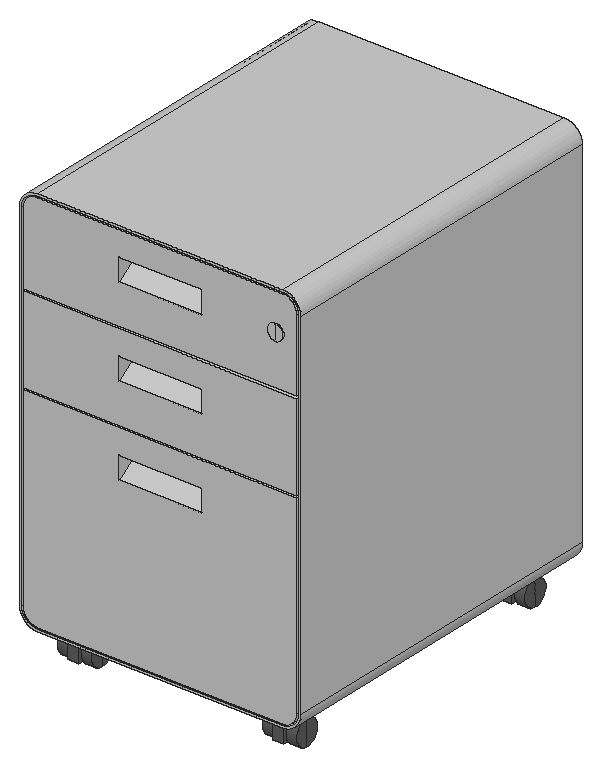
Revit family "Human_Solution-UPLIFT_Desk_Storage-Drawer-STR003", category Furniture, Revit 2014
Parameters (values of type "3-Drawer Mobile Pedestal")
  Width = 15 3/4"
  Unit = HMS - Aluminum
  URL = "https://www.thehumansolution.com/"
  Type Comments = "Storage"  # constant formula
  Salvage or Reuse = yes
  Percentage of Recycled Content = 0
  Model = "STR003"
  Material = ""
  Manufacturer = "Human Solution"  # constant formula
  Low Emitting Material = yes
  Low Emitting Finish = yes
  Keynote = "12500"
  Height = 23.87"
  Description = "3-Drawer Mobile Pedestal  15.25\"W 19.5\"D 23.5\"H"
  Depth = 19 3/4"
  Caster = HMS - Plastic Black
  Assembly Code = "E2020200"
Reference planes (in)
  plane 1 "Center Front/Back": y = 5.88398
  plane 2: z = 0
  plane 3 "Center Left/Right": x = 0
  plane 4: x = -7.875
  plane 5: x = 7.875
  plane 6: z = 23.87
  plane 7: y = -13.86602
  plane 8: y = -3.99102
Forms (in)
  Sweep 1, solid, material "HMS - Aluminum" <- "Unit"
    path origin (0, 0, 0) x (1, 0, 0) y (0, 1, 0)
      loop
        line (0, 5.85273) -> (0, -13.83231)
    profile origin (0, -3.98979, 0) x (1, 0, 0) y (0, 0, 1)
      loop
        line (6.875, 23.87047) -> (-6.87303, 23.87047)
        arc (-6.87303, 23.87047) -> (-7.58014, 23.57758) -> (-7.87303, 22.87047) r 1
        line (-7.87303, 22.87047) -> (-7.87303, 2.87)
        arc (-7.87303, 2.87) -> (-7.58014, 2.16289) -> (-6.87303, 1.87) r 1
        line (-6.87303, 1.87) -> (6.875, 1.87)
        arc (6.875, 1.87) -> (7.58211, 2.16289) -> (7.875, 2.87) r 1
        line (7.875, 2.87) -> (7.875, 22.87047)
        arc (7.875, 22.87047) -> (7.58211, 23.57758) -> (6.875, 23.87047) r 1
      loop
        line (6.875, 23.77047) -> (-6.87303, 23.77047)
        arc (-6.87303, 23.77047) -> (-7.50943, 23.50686) -> (-7.77303, 22.87047) r 0.9
        line (-7.77303, 22.87047) -> (-7.77303, 2.87)
        arc (-7.77303, 2.87) -> (-7.50943, 2.2336) -> (-6.87303, 1.97) r 0.9
        line (-6.87303, 1.97) -> (6.875, 1.97)
        arc (6.875, 1.97) -> (7.5114, 2.2336) -> (7.775, 2.87) r 0.9
        line (7.775, 2.87) -> (7.775, 22.87047)
        arc (7.775, 22.87047) -> (7.5114, 23.50686) -> (6.875, 23.77047) r 0.9
  Extrusion 2, solid, material "HMS - Aluminum" <- "Unit"
    sketch origin (0, 5.85273, 0) x (-1, 0, 0) y (0, 0, 1)
      loop
        arc (-6.875, 23.77047) -> (-7.5114, 23.50686) -> (-7.775, 22.87047) r 0.9
        line (-7.775, 22.87047) -> (-7.775, 2.87)
        arc (-7.775, 2.87) -> (-7.5114, 2.2336) -> (-6.875, 1.97) r 0.9
        line (-6.875, 1.97) -> (6.87303, 1.97)
        arc (6.87303, 1.97) -> (7.50943, 2.2336) -> (7.77303, 2.87) r 0.9
        line (7.77303, 2.87) -> (7.77303, 22.87047)
        arc (7.77303, 22.87047) -> (7.50943, 23.50686) -> (6.87303, 23.77047) r 0.9
        line (6.87303, 23.77047) -> (-6.875, 23.77047)
    from 0 to -0.78073
  Sweep 3, solid, material "HMS - Aluminum" <- "Unit"
    path origin (0, 0, 0) x (0, 1, 0) y (0, 0, 1)
      loop
        line (-12.08231, 16.705) -> (-13.83231, 16.705)
    profile origin (0, -12.95731, 16.705) x (0, 0, -1) y (1, 0, 0)
      loop
        line (-2.09415, -7.67303) -> (-2.09415, 7.675) -> (-6.16915, 7.675)
        arc (-6.16915, 7.675) -> (-6.73483, 7.44069) -> (-6.96915, 6.875) r 0.8
        line (-6.96915, 6.875) -> (-6.96915, -6.87303)
        arc (-6.96915, -6.87303) -> (-6.73483, -7.43872) -> (-6.16915, -7.67303) r 0.8
        line (-6.16915, -7.67303) -> (-2.09415, -7.67303)
      loop
        line (-1.99, -7.67303) -> (2.885, -7.67303) -> (2.885, 7.675) -> (-1.99, 7.675) -> (-1.99, -7.67303)
      loop
        line (-5.58951, -2.32185) -> (-4.32966, -2.32185) -> (-4.32966, 2.32382) -> (-5.58951, 2.32382) -> (-5.58951, -2.32185)
      loop
        line (0.6478, -2.32185) -> (0.6478, 2.32382) -> (-0.61205, 2.32382) -> (-0.61205, -2.32185) -> (0.6478, -2.32185)
      loop
        line (2.985, 7.675) -> (2.985, -7.67303) -> (13.835, -7.67303)
        arc (13.835, -7.67303) -> (14.40069, -7.43872) -> (14.635, -6.87303) r 0.8
        line (14.635, -6.87303) -> (14.635, 6.875)
        arc (14.635, 6.875) -> (14.40069, 7.44069) -> (13.835, 7.675) r 0.8
        line (13.835, 7.675) -> (2.985, 7.675)
      loop
        line (4.36295, -2.32185) -> (5.6228, -2.32185) -> (5.6228, 2.32382) -> (4.36295, 2.32382) -> (4.36295, -2.32185)
  Extrusion 4, solid, material "HMS - Aluminum" <- "Unit"
    sketch origin (0, 0, 0.60938) x (0, 1, 0) y (0, 0, 1)
      loop
        line (-13.83231, 20.42016) -> (-12.08231, 20.42016) -> (-12.08231, 21.68) -> (-13.83231, 20.42016)
      loop
        line (-12.08231, 16.705) -> (-13.83231, 15.44516) -> (-12.08231, 15.44516) -> (-12.08231, 16.705)
      loop
        line (-12.05797, 11.73) -> (-13.80797, 10.47016) -> (-12.05797, 10.47016) -> (-12.05797, 11.73)
    from -2.32185 to 2.32382
  Revolve 5, solid, material "HMS - Aluminum" <- "Unit"
    sketch origin (6.46875, 0, 0.60937) x (0, 1, 0) y (0, 0, 1)
      loop
        line (-13.86532, 21.44378) -> (-13.86532, 21.00054) -> (-13.83212, 21.00054) -> (-13.83212, 21.44378) -> (-13.86532, 21.44378)
      axis (-13.83212, 21.00054) -> (-13.87149, 21.00054)
    angle from 0 to 360
  Revolve 6, solid, material "HMS - Plastic Black" <- "Caster"
    sketch origin (0, 4.07148, 0) x (1, 0, 0) y (0, 0, 1)
      loop
        line (-6.69193, 1.45) -> (-6.69193, 0.725) -> (-6.11693, 0.725) -> (-6.11693, 1.45) -> (-6.69193, 1.45)
      loop
        line (-5.36693, 1.45) -> (-5.36693, 0.725) -> (-4.79193, 0.725) -> (-4.79193, 1.45) -> (-5.36693, 1.45)
      loop
        line (6.69193, 1.45) -> (6.11693, 1.45) -> (6.11693, 0.725) -> (6.69193, 0.725) -> (6.69193, 1.45)
      loop
        line (5.36693, 1.45) -> (4.79193, 1.45) -> (4.79193, 0.725) -> (5.36693, 0.725) -> (5.36693, 1.45)
      axis (-6.69193, 0.725) -> (6.69193, 0.725)
    angle from 0 to 360
  Extrusion 7, solid, material "HMS - Plastic Black" <- "Caster"
    sketch origin (0, 0, 0) x (0, 1, 0) y (0, 0, 1)
      loop
        arc (4.66116, 0.3) -> (4.6729, 1.13297) -> (3.90253, 1.45) r 0.74068
        line (3.90253, 1.45) -> (3.79539, 1.45) -> (3.79539, 1.87) -> (3.23709, 1.87) -> (3.23709, 0.3) -> (4.66116, 0.3)
    from -6.05693 to -5.42693
  Extrusion 8, solid, material "HMS - Plastic Black" <- "Caster"
    sketch origin (0, 0, 0) x (0, 1, 0) y (0, 0, -1)
      loop
        line (4.66116, -0.3) -> (3.23709, -0.3) -> (3.23709, -1.87) -> (3.79539, -1.87) -> (3.79539, -1.45) -> (3.90253, -1.45)
        arc (3.90253, -1.45) -> (4.6729, -1.13297) -> (4.66116, -0.3) r 0.74068
    from -6.05693 to -5.42693
  Revolve 9, solid, material "HMS - Plastic Black" <- "Caster"
    sketch origin (0, -11.91904, 0) x (1, 0, 0) y (0, 0, 1)
      loop
        line (-6.69193, 1.45) -> (-6.69193, 0.725) -> (-6.11693, 0.725) -> (-6.11693, 1.45) -> (-6.69193, 1.45)
      loop
        line (-5.36693, 1.45) -> (-5.36693, 0.725) -> (-4.79193, 0.725) -> (-4.79193, 1.45) -> (-5.36693, 1.45)
      loop
        line (6.69193, 1.45) -> (6.11693, 1.45) -> (6.11693, 0.725) -> (6.69193, 0.725) -> (6.69193, 1.45)
      loop
        line (5.36693, 1.45) -> (4.79193, 1.45) -> (4.79193, 0.725) -> (5.36693, 0.725) -> (5.36693, 1.45)
      axis (-6.69193, 0.725) -> (6.69193, 0.725)
    angle from 0 to 360
  Extrusion 10, solid, material "HMS - Plastic Black" <- "Caster"
    sketch origin (0, -15.99053, 0) x (0, 1, 0) y (0, 0, 1)
      loop
        arc (4.66116, 0.3) -> (4.6729, 1.13297) -> (3.90253, 1.45) r 0.74068
        line (3.90253, 1.45) -> (3.79539, 1.45) -> (3.79539, 1.87) -> (3.23709, 1.87) -> (3.23709, 0.3) -> (4.66116, 0.3)
    from -6.05693 to -5.42693
  Extrusion 11, solid, material "HMS - Plastic Black" <- "Caster"
    sketch origin (0, -15.99053, 0) x (0, 1, 0) y (0, 0, -1)
      loop
        line (4.66116, -0.3) -> (3.23709, -0.3) -> (3.23709, -1.87) -> (3.79539, -1.87) -> (3.79539, -1.45) -> (3.90253, -1.45)
        arc (3.90253, -1.45) -> (4.6729, -1.13297) -> (4.66116, -0.3) r 0.74068
    from -6.05693 to -5.42693
Lines and regions (in)
  symbolic lines
    curve 1: line (-7.87303, 5.85273, 0) -> (7.875, 5.85273, 0)
    curve 2: line (-7.87303, -13.83231, 0) -> (-7.87303, 5.85273, 0)
    curve 3: line (7.875, -13.83231, 0) -> (-7.87303, -13.83231, 0)
    curve 4: line (7.875, 5.85273, 0) -> (7.875, -13.83231, 0)
  symbolic lines, style "FurnitureHiddenLines", detail levels fine
    curve 5: line (-7.77303, 5.072, 0) -> (7.775, 5.072, 0)
    curve 6: line (-6.69193, 4.79648, 0) -> (-6.11693, 4.79648, 0)
    curve 7: line (-6.69193, 3.34648, 0) -> (-6.69193, 4.79648, 0)
    curve 8: line (-6.11693, 3.34648, 0) -> (-6.69193, 3.34648, 0)
    curve 9: line (-6.11693, 4.79648, 0) -> (-6.11693, 3.34648, 0)
    curve 10: line (-5.36693, 4.79648, 0) -> (-4.79193, 4.79648, 0)
    curve 11: line (-5.36693, 3.34648, 0) -> (-5.36693, 4.79648, 0)
    curve 12: line (-4.79193, 3.34648, 0) -> (-5.36693, 3.34648, 0)
    curve 13: line (-4.79193, 4.79648, 0) -> (-4.79193, 3.34648, 0)
    curve 14: line (-6.05693, 4.79531, 0) -> (-5.42693, 4.79531, 0)
    curve 15: line (-6.05693, 3.23709, 0) -> (-6.05693, 4.79531, 0)
    curve 16: line (-5.42693, 3.23709, 0) -> (-6.05693, 3.23709, 0)
    curve 17: line (-5.42693, 4.79531, 0) -> (-5.42693, 3.23709, 0)
    curve 18: line (-6.05693, 3.90253, 0) -> (-5.42693, 3.90253, 0)
    curve 19: line (4.79193, 4.79648, 0) -> (5.36693, 4.79648, 0)
    curve 20: line (4.79193, 3.34648, 0) -> (4.79193, 4.79648, 0)
    curve 21: line (5.36693, 3.34648, 0) -> (4.79193, 3.34648, 0)
    curve 22: line (5.36693, 4.79648, 0) -> (5.36693, 3.34648, 0)
    curve 23: line (6.11693, 4.79648, 0) -> (6.69193, 4.79648, 0)
    curve 24: line (6.11693, 3.34648, 0) -> (6.11693, 4.79648, 0)
    curve 25: line (6.69193, 3.34648, 0) -> (6.11693, 3.34648, 0)
    curve 26: line (6.69193, 4.79648, 0) -> (6.69193, 3.34648, 0)
    curve 27: line (5.42693, 4.79531, 0) -> (6.05693, 4.79531, 0)
    curve 28: line (5.42693, 3.23709, 0) -> (5.42693, 4.79531, 0)
    curve 29: line (6.05693, 3.23709, 0) -> (5.42693, 3.23709, 0)
    curve 30: line (6.05693, 4.79531, 0) -> (6.05693, 3.23709, 0)
    curve 31: line (5.42693, 3.90253, 0) -> (6.05693, 3.90253, 0)
    curve 32: line (4.79193, -11.19404, 0) -> (5.36693, -11.19404, 0)
    curve 33: line (4.79193, -12.64404, 0) -> (4.79193, -11.19404, 0)
    curve 34: line (5.36693, -12.64404, 0) -> (4.79193, -12.64404, 0)
    curve 35: line (5.36693, -11.19404, 0) -> (5.36693, -12.64404, 0)
    curve 36: line (6.11693, -11.19404, 0) -> (6.69193, -11.19404, 0)
    curve 37: line (6.11693, -12.64404, 0) -> (6.11693, -11.19404, 0)
    curve 38: line (6.69193, -12.64404, 0) -> (6.11693, -12.64404, 0)
    curve 39: line (6.69193, -11.19404, 0) -> (6.69193, -12.64404, 0)
    curve 40: line (5.42693, -11.19522, 0) -> (6.05693, -11.19522, 0)
    curve 41: line (5.42693, -12.75343, 0) -> (5.42693, -11.19522, 0)
    curve 42: line (6.05693, -12.75343, 0) -> (5.42693, -12.75343, 0)
    curve 43: line (6.05693, -11.19522, 0) -> (6.05693, -12.75343, 0)
    curve 44: line (5.42693, -12.08799, 0) -> (6.05693, -12.08799, 0)
    curve 45: line (-6.69193, -11.19404, 0) -> (-6.11693, -11.19404, 0)
    curve 46: line (-6.69193, -12.64404, 0) -> (-6.69193, -11.19404, 0)
    curve 47: line (-6.11693, -12.64404, 0) -> (-6.69193, -12.64404, 0)
    curve 48: line (-6.11693, -11.19404, 0) -> (-6.11693, -12.64404, 0)
    curve 49: line (-5.36693, -11.19404, 0) -> (-4.79193, -11.19404, 0)
    curve 50: line (-5.36693, -12.64404, 0) -> (-5.36693, -11.19404, 0)
    curve 51: line (-4.79193, -12.64404, 0) -> (-5.36693, -12.64404, 0)
    curve 52: line (-4.79193, -11.19404, 0) -> (-4.79193, -12.64404, 0)
    curve 53: line (-6.05693, -11.19522, 0) -> (-5.42693, -11.19522, 0)
    curve 54: line (-6.05693, -12.75343, 0) -> (-6.05693, -11.19522, 0)
    curve 55: line (-5.42693, -12.75343, 0) -> (-6.05693, -12.75343, 0)
    curve 56: line (-5.42693, -11.19522, 0) -> (-5.42693, -12.75343, 0)
    curve 57: line (-6.05693, -12.08799, 0) -> (-5.42693, -12.08799, 0)
    curve 58: line (-7.87303, -12.08231, 0) -> (7.875, -12.08231, 0)
Dimensions and locks (in)
  "Width": plane 4 to plane 5
  "Height": plane 6 to plane 2
  "Depth": plane 7 to plane 1 "Center Front/Back"
  equal spacing: plane 4, plane 3 "Center Left/Right", plane 5
  equal spacing: plane 7, plane 8, plane 1 "Center Front/Back"
  locked: plane 1 "Center Front/Back" to Extrusion 2 at 0.81198
  locked: Sweep 3 sketch curve to plane 6 at 7.165
  Revolve 5 sketch curve to plane 6 = 2.26008"
  locked: Revolve 6 sketch curve to plane 2 at 0.725
  aligned and locked: level to plane 2
  aligned and locked: Sweep 1 sketch curve to plane 3 "Center Left/Right"
  aligned and locked: Extrusion 2 sketch curve to Sweep 1  (x3)
  aligned and locked: Sweep 1 to Extrusion 2
  aligned and locked: Extrusion 4 to Sweep 3  (x2)
  aligned and locked: curve 1 to Sweep 1
  aligned and locked: curve 2 to Sweep 1
  aligned and locked: curve 3 to Sweep 1
  aligned and locked: curve 4 to Sweep 1
  aligned and locked: curve 5 to Extrusion 2
  aligned and locked: curve 58 to Sweep 3
Automatic sketch dimensions
  plane 7 to Sweep 3 sketch curve = 0.03371"
  Sweep 3 sketch curve to Sweep 3 sketch curve = 1 3/4"
  plane 7 to Revolve 5 sketch curve = 0.0007"
  Revolve 5 sketch curve to Revolve 5 sketch curve = 0.03319"
  Revolve 5 sketch curve to Revolve 5 sketch curve = 0"
  Revolve 5 sketch curve to Revolve 5 sketch curve = 0.44323"
  Revolve 5 sketch curve to Revolve 5 sketch curve = 0.02699"
  Revolve 5 sketch curve to Revolve 5 sketch curve = 0.07833"
  plane 4 to Revolve 6 sketch curve = 1.18307"
  Revolve 6 sketch curve to Revolve 6 sketch curve = 0.575"  (x4)
  Revolve 6 sketch curve to Revolve 6 sketch curve = 3/4"  (x3)
  level to Revolve 6 sketch curve = 0.725"  (x4)
  Revolve 6 sketch curve to plane 5 = 3.08307"
  Revolve 6 sketch curve to Revolve 6 sketch curve = 0.725"  (x4)
  Revolve 6 sketch curve to Revolve 6 sketch curve = 1"
  plane 4 to Revolve 9 sketch curve = 1.18307"
  Revolve 9 sketch curve to Revolve 9 sketch curve = 0.575"  (x4)
  Revolve 9 sketch curve to Revolve 9 sketch curve = 3/4"  (x3)
  level to Revolve 9 sketch curve = 0.725"  (x5)
  Revolve 9 sketch curve to plane 5 = 3.08307"
  Revolve 9 sketch curve to Revolve 9 sketch curve = 0.725"  (x4)
  Revolve 9 sketch curve to Revolve 9 sketch curve = 1"
  level to Extrusion 10 sketch curve = 0.3"
  plane 7 to Extrusion 10 sketch curve = 1.11258"
  Extrusion 10 sketch curve to Extrusion 10 sketch curve = 0.5583"
  Extrusion 10 sketch curve to Extrusion 10 sketch curve = 0.10714"
  Extrusion 10 sketch curve to Extrusion 10 sketch curve = 0.1521"
  Extrusion 10 sketch curve to Extrusion 10 sketch curve = 0.60653"
  level to Extrusion 10 sketch curve = 0.72511"
  Extrusion 10 sketch curve to Extrusion 10 sketch curve = 0.42"
  level to Extrusion 11 sketch curve = 0.3"
  plane 7 to Extrusion 11 sketch curve = 1.11258"
  Extrusion 11 sketch curve to Extrusion 11 sketch curve = 0.5583"
  Extrusion 11 sketch curve to Extrusion 11 sketch curve = 0.10714"
  Extrusion 11 sketch curve to Extrusion 11 sketch curve = 0.1521"
  Extrusion 11 sketch curve to Extrusion 11 sketch curve = 0.60653"
  level to Extrusion 11 sketch curve = 0.72511"
  Extrusion 11 sketch curve to Extrusion 11 sketch curve = 0.42"
  plane 7 to Extrusion 4 sketch curve = 0.03371"  (x2)
  plane 7 to Extrusion 4 sketch curve = 0.05805"
  Extrusion 4 sketch curve to Extrusion 4 sketch curve = 1 3/4"  (x3)
  level to Extrusion 4 sketch curve = 11.07953"
  Extrusion 4 sketch curve to Extrusion 4 sketch curve = 1.25984"  (x3)
  Extrusion 4 sketch curve to Extrusion 4 sketch curve = 3.71516"
  Extrusion 4 sketch curve to plane 6 = 2.84047"
  plane 7 to Sweep 1 sketch curve = 0.03371"
  plane 1 "Center Front/Back" to Sweep 1 sketch curve = 1/32"
  Sweep 1 sketch curve to Sweep 1 sketch curve = 0"  (x8)
  level to Sweep 1 sketch curve = 2.87"
  profile plane to Sweep 1 sketch curve = 7.87303"
  Sweep 1 sketch curve to Sweep 1 sketch curve = 0.1"
  Sweep 1 sketch curve to Sweep 1 sketch curve = 0.9"  (x3)
  Sweep 1 sketch curve to profile plane = 6 7/8"  (x2)
  Sweep 1 sketch curve to Sweep 1 sketch curve = 20.00047"
  Extrusion 2 sketch curve to Sweep 1 = 0"
  Extrusion 2 sketch curve to Extrusion 2 sketch curve = 0.9"
  Sweep 1 to Extrusion 2 sketch curve = 0.9"  (x2)
  profile plane to Sweep 3 sketch curve = 6.96915"
  Sweep 3 sketch curve to Sweep 3 sketch curve = 0.8"  (x3)
  Sweep 3 sketch curve to Sweep 3 sketch curve = 0.57964"
  Sweep 3 sketch curve to Sweep 3 sketch curve = 1.25984"  (x2)
  profile plane to Sweep 3 sketch curve = 2.09415"
  Sweep 3 sketch curve to Sweep 3 sketch curve = 0.10415"
  profile plane to Sweep 3 sketch curve = 0.61205"
  Sweep 3 sketch curve to profile plane = 0.6478"
  Sweep 3 sketch curve to profile plane = 2.885"
  Sweep 3 sketch curve to Sweep 3 sketch curve = 0.1"
  Sweep 3 sketch curve to Sweep 3 sketch curve = 3.71516"
  Sweep 3 sketch curve to Sweep 3 sketch curve = 8.2122"  (x2)
  Sweep 3 sketch curve to plane 3 "Center Left/Right" = 7.67303"
  Sweep 3 sketch curve to Sweep 3 sketch curve = 0"  (x3)
  Sweep 3 sketch curve to plane 3 "Center Left/Right" = 2.32185"  (x3)
  plane 3 "Center Left/Right" to Sweep 3 sketch curve = 2.32382"  (x3)
  Sweep 3 sketch curve to Sweep 3 sketch curve = 4.55118"
  plane 3 "Center Left/Right" to Sweep 3 sketch curve = 6 7/8"
  level to Extrusion 7 sketch curve = 0.3"
  plane 1 "Center Front/Back" to Extrusion 7 sketch curve = 2.64689"
  Extrusion 7 sketch curve to Extrusion 7 sketch curve = 0.5583"
  Extrusion 7 sketch curve to Extrusion 7 sketch curve = 0.10714"
  Extrusion 7 sketch curve to Extrusion 7 sketch curve = 0.1521"
  Extrusion 7 sketch curve to Extrusion 7 sketch curve = 0.60653"
  level to Extrusion 7 sketch curve = 0.72511"
  Extrusion 7 sketch curve to Extrusion 7 sketch curve = 0.42"
  level to Extrusion 8 sketch curve = 0.3"
  plane 1 "Center Front/Back" to Extrusion 8 sketch curve = 2.64689"
  Extrusion 8 sketch curve to Extrusion 8 sketch curve = 0.5583"
  Extrusion 8 sketch curve to Extrusion 8 sketch curve = 0.10714"
  Extrusion 8 sketch curve to Extrusion 8 sketch curve = 0.1521"
  Extrusion 8 sketch curve to Extrusion 8 sketch curve = 0.60653"
  level to Extrusion 8 sketch curve = 0.72511"
  Extrusion 8 sketch curve to Extrusion 8 sketch curve = 0.42"
  plane 4 to curve 45 = 1.18307"
  plane 4 to curve 6 = 1.18307"
  curve 7 to curve 8 = 0.575"
  curve 46 to curve 47 = 0.575"
  curve 47 to curve 54 = 0.06"
  curve 6 to curve 14 = 0.06"
  curve 14 to curve 17 = 0.63"
  curve 54 to curve 56 = 0.63"
  curve 14 to curve 11 = 0.06"
  curve 53 to curve 50 = 0.06"
  curve 50 to curve 52 = 0.575"
  curve 10 to curve 13 = 0.575"
  curve 20 to plane 5 = 3.08307"
  curve 32 to plane 5 = 3.08307"
  curve 32 to curve 32 = 0.575"
  curve 20 to curve 21 = 0.575"
  curve 21 to curve 28 = 0.06"
  curve 32 to curve 40 = 0.06"
  curve 40 to curve 43 = 0.63"
  curve 27 to curve 30 = 0.63"
  curve 27 to curve 23 = 0.06"
  curve 42 to curve 38 = 0.06"
  curve 23 to curve 26 = 0.575"
  curve 37 to curve 38 = 0.575"
  plane 7 to curve 42 = 1.11258"
  plane 7 to curve 56 = 1.11258"
  curve 54 to curve 47 = 7/64"
  curve 42 to curve 39 = 7/64"
  curve 41 to curve 35 = 7/64"
  curve 55 to curve 52 = 7/64"
  curve 34 to curve 41 = 1.44882"
  curve 50 to curve 56 = 1.44882"
  curve 53 to curve 45 = 0.00118"
  curve 53 to curve 49 = 0.00118"
  curve 40 to curve 32 = 0.00118"
  curve 40 to curve 39 = 0.00118"
  plane 1 "Center Front/Back" to curve 29 = 2.64689"
  plane 1 "Center Front/Back" to curve 15 = 2.64689"
  curve 16 to curve 12 = 7/64"
  curve 28 to curve 20 = 7/64"
  curve 15 to curve 7 = 7/64"
  curve 29 to curve 26 = 7/64"
  plane 1 "Center Front/Back" to curve 14 = 1.08868"
  plane 1 "Center Front/Back" to curve 27 = 1.08868"
  curve 27 to curve 26 = 0.00118"
  curve 27 to curve 22 = 0.00118"
  curve 14 to curve 13 = 0.00118"
  curve 14 to curve 9 = 0.00118"
  plane 4 to curve 5 = 0.10197"
  curve 5 to plane 5 = 0.1"
  curve 50 to curve 57 = 0.55605"
  curve 34 to curve 44 = 0.55605"
  curve 24 to curve 31 = 0.55605"
  curve 11 to curve 18 = 0.55605"
  curve 5 to curve 1 = 0.78073"
